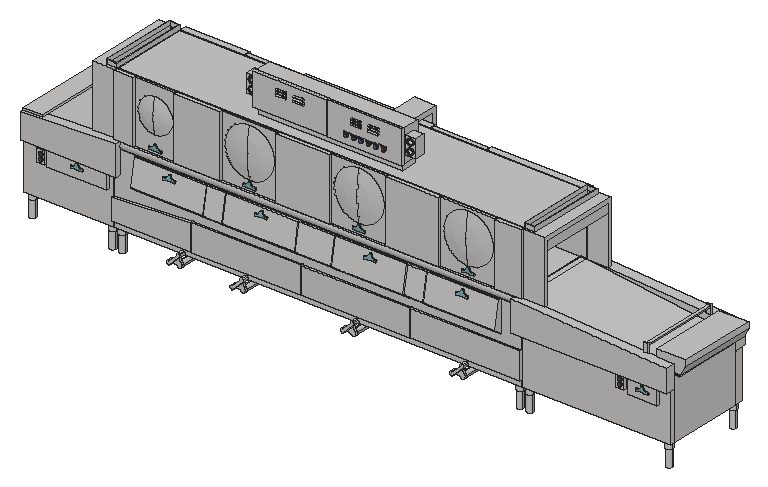
Revit family (continued)
Forms (in)
  Extrusion 121, solid, material "QF_Finishes_Stainless Steel"
    sketch origin (129.56775, -73.14175, 10.44389) x (-1, 0, 0) y (0, -0.5, -0.866025)
      loop
        arc (48.28388, -77.875) -> (48.46693, -78.31694) -> (48.90888, -78.5) r 0.625
        line (48.90888, -78.5) -> (51.65888, -78.5)
        arc (51.65888, -78.5) -> (52.10082, -78.31694) -> (52.28388, -77.875) r 0.625
        line (52.28388, -77.875) -> (48.28388, -77.875)
    from 0 to 0.125
  Extrusion 122, solid, material "QF_Finishes_Stainless Steel"
    sketch origin (129.56775, -73.14175, 9.44389) x (-1, 0, 0) y (0, -0.5, -0.866025)
      loop
        arc (48.28388, -77.875) -> (48.46693, -78.31694) -> (48.90888, -78.5) r 0.625
        line (48.90888, -78.5) -> (51.65888, -78.5)
        arc (51.65888, -78.5) -> (52.10082, -78.31694) -> (52.28388, -77.875) r 0.625
        line (52.28388, -77.875) -> (48.28388, -77.875)
    from 0 to 0.125
  Extrusion 123, solid, material "QF_Finishes_Stainless Steel"
    sketch origin (129.56775, -73.14175, 8.44389) x (-1, 0, 0) y (0, -0.5, -0.866025)
      loop
        arc (48.28388, -77.875) -> (48.46693, -78.31694) -> (48.90888, -78.5) r 0.625
        line (48.90888, -78.5) -> (51.65888, -78.5)
        arc (51.65888, -78.5) -> (52.10082, -78.31694) -> (52.28388, -77.875) r 0.625
        line (52.28388, -77.875) -> (48.28388, -77.875)
    from 0 to 0.125
  Extrusion 124, solid, material "QF_Finishes_Stainless Steel"
    sketch origin (-8.125, -73.14175, 10.44389) x (1, 0, 0) y (0, 0.5, 0.866025)
      loop
        line (48.28388, 77.875) -> (52.28388, 77.875)
        arc (52.28388, 77.875) -> (52.10082, 78.31694) -> (51.65888, 78.5) r 0.625
        line (51.65888, 78.5) -> (48.90888, 78.5)
        arc (48.90888, 78.5) -> (48.46693, 78.31694) -> (48.28388, 77.875) r 0.625
    from 0 to 0.125
  Extrusion 125, solid, material "QF_Finishes_Stainless Steel"
    sketch origin (-8.125, -73.14175, 9.44389) x (1, 0, 0) y (0, 0.5, 0.866025)
      loop
        line (48.28388, 77.875) -> (52.28388, 77.875)
        arc (52.28388, 77.875) -> (52.10082, 78.31694) -> (51.65888, 78.5) r 0.625
        line (51.65888, 78.5) -> (48.90888, 78.5)
        arc (48.90888, 78.5) -> (48.46693, 78.31694) -> (48.28388, 77.875) r 0.625
    from 0 to 0.125
  Extrusion 126, solid, material "QF_Finishes_Stainless Steel"
    sketch origin (-8.125, -73.14175, 8.44389) x (1, 0, 0) y (0, 0.5, 0.866025)
      loop
        line (48.28388, 77.875) -> (52.28388, 77.875)
        arc (52.28388, 77.875) -> (52.10082, 78.31694) -> (51.65888, 78.5) r 0.625
        line (51.65888, 78.5) -> (48.90888, 78.5)
        arc (48.90888, 78.5) -> (48.46693, 78.31694) -> (48.28388, 77.875) r 0.625
    from 0 to 0.125
  Extrusion 127, solid, material "QF_Finishes_Stainless Steel"
    sketch origin (99.44275, -73.14175, 10.44389) x (-1, 0, 0) y (0, -0.5, -0.866025)
      loop
        arc (48.28388, -77.875) -> (48.46693, -78.31694) -> (48.90888, -78.5) r 0.625
        line (48.90888, -78.5) -> (51.65888, -78.5)
        arc (51.65888, -78.5) -> (52.10082, -78.31694) -> (52.28388, -77.875) r 0.625
        line (52.28388, -77.875) -> (48.28388, -77.875)
    from 0 to 0.125
  Extrusion 128, solid, material "QF_Finishes_Stainless Steel"
    sketch origin (99.44275, -73.14175, 9.44389) x (-1, 0, 0) y (0, -0.5, -0.866025)
      loop
        arc (48.28388, -77.875) -> (48.46693, -78.31694) -> (48.90888, -78.5) r 0.625
        line (48.90888, -78.5) -> (51.65888, -78.5)
        arc (51.65888, -78.5) -> (52.10082, -78.31694) -> (52.28388, -77.875) r 0.625
        line (52.28388, -77.875) -> (48.28388, -77.875)
    from 0 to 0.125
  Extrusion 129, solid, material "QF_Finishes_Stainless Steel"
    sketch origin (99.44275, -73.14175, 8.44389) x (-1, 0, 0) y (0, -0.5, -0.866025)
      loop
        arc (48.28388, -77.875) -> (48.46693, -78.31694) -> (48.90888, -78.5) r 0.625
        line (48.90888, -78.5) -> (51.65888, -78.5)
        arc (51.65888, -78.5) -> (52.10082, -78.31694) -> (52.28388, -77.875) r 0.625
        line (52.28388, -77.875) -> (48.28388, -77.875)
    from 0 to 0.125
  Extrusion 130, solid, material "QF_Finishes_Stainless Steel"
    sketch origin (-39.90362, 0, 0) x (0, 1, 0) y (0, 0, 1)
      loop
        circle (-20.25, 7) r 1
      loop
        circle (-20.25, 7) r 1.125
    from 0 to 235.625
  Extrusion 131, solid, material "QF_Finishes_Stainless Steel", visible <- "Unload End Drain"
    sketch origin (-39.90362, 0, 0) x (0, 1, 0) y (0, 0, 1)
      loop
        circle (-20.25, 7) r 1
    from 0 to 0.125
  Extrusion 132, solid, material "QF_Finishes_Stainless Steel", visible <- "Load End Drain"
    sketch origin (195.72138, 0, 0) x (0, 1, 0) y (0, 0, 1)
      loop
        circle (-20.25, 7) r 1
    from 0 to -0.125
  Sweep 133, solid, material "QF_Finishes_Stainless Steel", visible <- "Cold Water Aqua Stat"
    path origin (-31.27862, 0, 0) x (0, 1, 0) y (0, 0, 1)
      loop
        line (-16.75, 9) -> (-16.75, 7.5)
        arc (-16.75, 7.5) -> (-16.31066, 6.43934) -> (-15.25, 6) r 1.5
        line (-15.25, 6) -> (-8.5, 6)
    profile origin (-31.27862, -16.75, 8.25) x (1, 0, 0) y (0, 1, 0)
      loop
        circle (0, 0) r 0.375
      loop
        circle (0, 0) r 0.5
  Sweep 134, solid, material "QF_Finishes_Stainless Steel", visible <- "Cold Water Aqua Stat"
    path origin (178.72138, 0, 0) x (0, 1, 0) y (0, 0, 1)
      loop
        line (-16.75, 9) -> (-16.75, 7.5)
        arc (-16.75, 7.5) -> (-16.31066, 6.43934) -> (-15.25, 6) r 1.5
        line (-15.25, 6) -> (-8.5, 6)
    profile origin (178.72138, -16.75, 8.25) x (1, 0, 0) y (0, 1, 0)
      loop
        circle (0, 0) r 0.5
      loop
        circle (0, 0) r 0.625
  Extrusion 135, void
    sketch origin (22, -26, 0) x (1, 0, 0) y (0, 0, 1)
      loop
        circle (10.72138, 78.5) r 0.5
    from 0 to 0.25
  Extrusion 136, solid, material "QF_Finishes_Stainless Steel"
    sketch origin (0, -20.25, 0) x (1, 0, 0) y (0, 0, 1)
      loop
        circle (7.73519, 7) r 1
      loop
        circle (7.73519, 7) r 1.125
    from 0 to 21.5
  Extrusion 137, solid, material "QF_Finishes_Stainless Steel"
    sketch origin (12, -20.25, 0) x (1, 0, 0) y (0, 0, 1)
      loop
        circle (21.23519, 7) r 1
      loop
        circle (21.23519, 7) r 1.125
    from 0 to 21.5
  Extrusion 138, solid, material "QF_Finishes_Stainless Steel"
    sketch origin (7.21533, -42, -3.41935) x (0.707107, 0, 0.707107) y (-0.707107, 0, 0.707107)
      loop
        arc (6.61019, 7) -> (7.73519, 5.875) -> (8.86019, 7) r 1.125
        arc (8.86019, 7) -> (9.29112, 8.22931) -> (10.48519, 8.75) r 1.62946
        line (10.48519, 8.75) -> (4.98519, 8.75)
        arc (4.98519, 8.75) -> (6.17925, 8.22931) -> (6.61019, 7) r 1.62946
    from -0.25 to 0.25
  Extrusion 139, solid, material "QF_Finishes_Stainless Steel"
    sketch origin (32.71533, -42, -3.41935) x (0.707107, 0, 0.707107) y (-0.707107, 0, 0.707107)
      loop
        line (4.73519, 8.75) -> (10.73519, 8.75)
        arc (10.73519, 8.75) -> (11.08874, 8.89645) -> (11.23519, 9.25) r 0.5
        line (11.23519, 9.25) -> (11.23519, 9.75)
        arc (11.23519, 9.75) -> (11.08874, 10.10355) -> (10.73519, 10.25) r 0.5
        line (10.73519, 10.25) -> (10.23519, 10.25)
        arc (10.23519, 10.25) -> (10.05841, 10.17678) -> (9.98519, 10) r 0.25
        line (9.98519, 10) -> (9.98519, 9.75) -> (5.48519, 9.75) -> (5.48519, 10)
        arc (5.48519, 10) -> (5.41196, 10.17678) -> (5.23519, 10.25) r 0.25
        line (5.23519, 10.25) -> (4.73519, 10.25)
        arc (4.73519, 10.25) -> (4.38163, 10.10355) -> (4.23519, 9.75) r 0.5
        line (4.23519, 9.75) -> (4.23519, 9.25)
        arc (4.23519, 9.25) -> (4.38163, 8.89645) -> (4.73519, 8.75) r 0.5
    from -1 to 1
  Extrusion 140, solid, material "QF_Finishes_Stainless Steel"
    sketch origin (32.71533, -42, -3.41935) x (0.707107, 0, 0.707107) y (-0.707107, 0, 0.707107)
      loop
        arc (6.61019, 7) -> (7.73519, 5.875) -> (8.86019, 7) r 1.125
        arc (8.86019, 7) -> (9.29112, 8.22931) -> (10.48519, 8.75) r 1.62946
        line (10.48519, 8.75) -> (4.98519, 8.75)
        arc (4.98519, 8.75) -> (6.17925, 8.22931) -> (6.61019, 7) r 1.62946
    from -0.25 to 0.25
  Extrusion 141, solid, material "QF_Finishes_Stainless Steel"
    sketch origin (63, -20.25, 0) x (1, 0, 0) y (0, 0, 1)
      loop
        circle (14.73519, 7) r 1
      loop
        circle (14.73519, 7) r 1.125
    from 0 to 21.5
  Extrusion 142, solid, material "QF_Finishes_Stainless Steel"
    sketch origin (77.21533, -42, -3.41935) x (0.707107, 0, 0.707107) y (-0.707107, 0, 0.707107)
      loop
        line (4.73519, 8.75) -> (10.73519, 8.75)
        arc (10.73519, 8.75) -> (11.08874, 8.89645) -> (11.23519, 9.25) r 0.5
        line (11.23519, 9.25) -> (11.23519, 9.75)
        arc (11.23519, 9.75) -> (11.08874, 10.10355) -> (10.73519, 10.25) r 0.5
        line (10.73519, 10.25) -> (10.23519, 10.25)
        arc (10.23519, 10.25) -> (10.05841, 10.17678) -> (9.98519, 10) r 0.25
        line (9.98519, 10) -> (9.98519, 9.75) -> (5.48519, 9.75) -> (5.48519, 10)
        arc (5.48519, 10) -> (5.41196, 10.17678) -> (5.23519, 10.25) r 0.25
        line (5.23519, 10.25) -> (4.73519, 10.25)
        arc (4.73519, 10.25) -> (4.38163, 10.10355) -> (4.23519, 9.75) r 0.5
        line (4.23519, 9.75) -> (4.23519, 9.25)
        arc (4.23519, 9.25) -> (4.38163, 8.89645) -> (4.73519, 8.75) r 0.5
    from -1 to 1
  Extrusion 143, solid, material "QF_Finishes_Stainless Steel"
    sketch origin (77.21533, -42, -3.41935) x (0.707107, 0, 0.707107) y (-0.707107, 0, 0.707107)
      loop
        arc (6.61019, 7) -> (7.73519, 5.875) -> (8.86019, 7) r 1.125
        arc (8.86019, 7) -> (9.29112, 8.22931) -> (10.48519, 8.75) r 1.62946
        line (10.48519, 8.75) -> (4.98519, 8.75)
        arc (4.98519, 8.75) -> (6.17925, 8.22931) -> (6.61019, 7) r 1.62946
    from -0.25 to 0.25
  Extrusion 144, solid, material "QF_Finishes_Stainless Steel"
    sketch origin (7.21533, -42, -3.41935) x (0.707107, 0, 0.707107) y (-0.707107, 0, 0.707107)
      loop
        line (4.73519, 8.75) -> (10.73519, 8.75)
        arc (10.73519, 8.75) -> (11.08874, 8.89645) -> (11.23519, 9.25) r 0.5
        line (11.23519, 9.25) -> (11.23519, 9.75)
        arc (11.23519, 9.75) -> (11.08874, 10.10355) -> (10.73519, 10.25) r 0.5
        line (10.73519, 10.25) -> (10.23519, 10.25)
        arc (10.23519, 10.25) -> (10.05841, 10.17678) -> (9.98519, 10) r 0.25
        line (9.98519, 10) -> (9.98519, 9.75) -> (5.48519, 9.75) -> (5.48519, 10)
        arc (5.48519, 10) -> (5.41196, 10.17678) -> (5.23519, 10.25) r 0.25
        line (5.23519, 10.25) -> (4.73519, 10.25)
        arc (4.73519, 10.25) -> (4.38163, 10.10355) -> (4.23519, 9.75) r 0.5
        line (4.23519, 9.75) -> (4.23519, 9.25)
        arc (4.23519, 9.25) -> (4.38163, 8.89645) -> (4.73519, 8.75) r 0.5
    from -1 to 1
  Extrusion 145, solid, material "QF_Finishes_Stainless Steel", visible <- "Feeder Line 2"
    sketch origin (22, -26, 0) x (1, 0, 0) y (0, 0, 1)
      loop
        circle (11.97138, 78.5) r 0.25
    from 0 to -0.0625
  Extrusion 146, solid, material "QF_Finishes_Stainless Steel", visible <- "Feeder Line 3"
    sketch origin (22.75, -26, 0) x (1, 0, 0) y (0, 0, 1)
      loop
        circle (11.97138, 78.5) r 0.25
    from 0 to -0.0625
  Extrusion 147, solid, material "QF_Finishes_Black", not visible
    sketch origin (0, -32.25, 0) x (1, 0, 0) y (0, 0, 1)
      loop
        circle (6.84638, 76.75) r 1.25
      loop
        circle (6.84638, 76.75) r 1
    from 0 to 0.25
  Extrusion 148, solid, material "QF_Finishes_White", not visible
    sketch origin (0, -32.25, 0) x (1, 0, 0) y (0, 0, 1)
      loop
        circle (6.84638, 76.75) r 1
    from 0 to 0.0625
  Extrusion 149, solid, material "QF_Finishes_Black", not visible
    sketch origin (33.66291, -34, -18.39967) x (1, 0, 0) y (0, 0, 1)
      loop
        line (19.62096, 91.02467) -> (17.62096, 91.02467) -> (17.62096, 90.77467) -> (19.62096, 90.77467) -> (19.62096, 91.02467)
      loop
        line (16.62096, 91.02467) -> (14.62096, 91.02467) -> (14.62096, 90.77467) -> (16.62096, 90.77467) -> (16.62096, 91.02467)
      loop
        line (20.62096, 91.02467) -> (20.62096, 90.77467) -> (22.62096, 90.77467) -> (22.62096, 91.02467) -> (20.62096, 91.02467)
      loop
        line (23.62096, 91.02467) -> (23.62096, 90.77467) -> (25.62096, 90.77467) -> (25.62096, 91.02467) -> (23.62096, 91.02467)
      loop
        line (13.62096, 91.02467) -> (11.62096, 91.02467) -> (11.62096, 90.77467) -> (13.62096, 90.77467) -> (13.62096, 91.02467)
      loop
        line (26.62096, 91.02467) -> (26.62096, 90.77467) -> (28.62096, 90.77467) -> (28.62096, 91.02467) -> (26.62096, 91.02467)
    from 0 to 0.25
  Extrusion 150, solid, material "QF_Finishes_Navy Blue", not visible
    sketch origin (34.03783, -34, -18.39967) x (1, 0, 0) y (0, 0, 1)
      loop
        circle (15.24605, 89.89967) r 0.625
    from 0.125 to 0.375
  Extrusion 151, solid, material "QF_Finishes_Navy Blue", not visible
    sketch origin (34.03783, -34, -18.39967) x (1, 0, 0) y (0, 0, 1)
      loop
        circle (18.24605, 89.89967) r 0.625
    from 0.125 to 0.375
  Extrusion 152, solid, material "QF_Finishes_LED Green", not visible
    sketch origin (34.03783, -34, -18.39967) x (1, 0, 0) y (0, 0, 1)
      loop
        circle (21.24605, 89.89967) r 0.625
    from 0.125 to 0.375
  Extrusion 153, solid, material "QF_Finishes_Navy Blue", not visible
    sketch origin (34.03783, -34, -18.39967) x (1, 0, 0) y (0, 0, 1)
      loop
        circle (24.24605, 89.89967) r 0.625
    from 0.125 to 0.375
  Extrusion 154, solid, material "QF_Finishes_Black", not visible
    sketch origin (34.03783, -34, -18.39967) x (1, 0, 0) y (0, 0, 1)
      loop
        line (15.99605, 89.89967) -> (15.99605, 90.77467) -> (14.49605, 90.77467) -> (14.49605, 89.89967)
        arc (14.49605, 89.89967) -> (15.24605, 89.14967) -> (15.99605, 89.89967) r 0.75
      loop
        line (18.99605, 89.89967) -> (18.99605, 90.77467) -> (17.49605, 90.77467) -> (17.49605, 89.89967)
        arc (17.49605, 89.89967) -> (18.24605, 89.14967) -> (18.99605, 89.89967) r 0.75
      loop
        line (21.99605, 89.89967) -> (21.99605, 90.77467) -> (20.49605, 90.77467) -> (20.49605, 89.89967)
        arc (20.49605, 89.89967) -> (21.24605, 89.14967) -> (21.99605, 89.89967) r 0.75
      loop
        line (24.99605, 89.89967) -> (24.99605, 90.77467) -> (23.49605, 90.77467) -> (23.49605, 89.89967)
        arc (23.49605, 89.89967) -> (24.24605, 89.14967) -> (24.99605, 89.89967) r 0.75
      loop
        line (12.99605, 89.89967) -> (12.99605, 90.77467) -> (11.49605, 90.77467) -> (11.49605, 89.89967)
        arc (11.49605, 89.89967) -> (12.24605, 89.14967) -> (12.99605, 89.89967) r 0.75
      loop
        line (27.99605, 89.89967) -> (27.99605, 90.77467) -> (26.49605, 90.77467) -> (26.49605, 89.89967)
        arc (26.49605, 89.89967) -> (27.24605, 89.14967) -> (27.99605, 89.89967) r 0.75
    from 0 to 0.125
  Extrusion 155, solid, material "QF_Finishes_Black", not visible
    sketch origin (0, -32.25, -3.5) x (1, 0, 0) y (0, 0, 1)
      loop
        circle (6.84638, 76.75) r 1.25
      loop
        circle (6.84638, 76.75) r 1
    from 0 to 0.25
  Extrusion 156, solid, material "QF_Finishes_White", not visible
    sketch origin (0, -32.25, -3.5) x (1, 0, 0) y (0, 0, 1)
      loop
        circle (6.84638, 76.75) r 1
    from 0 to 0.0625
  Extrusion 157, solid, material "QF_Finishes_Black", not visible
    sketch origin (63.875, -32.25, 0) x (1, 0, 0) y (0, 0, 1)
      loop
        circle (6.84638, 76.75) r 1.25
      loop
        circle (6.84638, 76.75) r 1
    from 0 to 0.25
  Extrusion 158, solid, material "QF_Finishes_White", not visible
    sketch origin (63.875, -32.25, 0) x (1, 0, 0) y (0, 0, 1)
      loop
        circle (6.84638, 76.75) r 1
    from 0 to 0.0625
  Extrusion 159, solid, material "QF_Finishes_Black", not visible
    sketch origin (63.875, -32.25, -3.5) x (1, 0, 0) y (0, 0, 1)
      loop
        circle (6.84638, 76.75) r 1.25
      loop
        circle (6.84638, 76.75) r 1
    from 0 to 0.25
  Extrusion 160, solid, material "QF_Finishes_White", not visible
    sketch origin (63.875, -32.25, -3.5) x (1, 0, 0) y (0, 0, 1)
      loop
        circle (6.84638, 76.75) r 1
    from 0 to 0.0625
  Extrusion 161, solid, material "QF_Finishes_Navy Blue", not visible
    sketch origin (31.03783, -34, -18.39967) x (1, 0, 0) y (0, 0, 1)
      loop
        circle (15.24605, 89.89967) r 0.625
    from 0.125 to 0.375
  Extrusion 162, solid, material "QF_Finishes_LED Red", not visible
    sketch origin (46.03783, -34, -18.39967) x (1, 0, 0) y (0, 0, 1)
      loop
        circle (15.24605, 89.89967) r 0.625
    from 0.125 to 0.375
  Extrusion 163, solid, material "QF_Finishes_Stainless Steel", not visible
    sketch origin (0, -73.14175, 10.44389) x (1, 0, 0) y (0, 0.5, 0.866025)
      loop
        line (48.28388, 77.875) -> (52.28388, 77.875)
        arc (52.28388, 77.875) -> (52.10082, 78.31694) -> (51.65888, 78.5) r 0.625
        line (51.65888, 78.5) -> (48.90888, 78.5)
        arc (48.90888, 78.5) -> (48.46693, 78.31694) -> (48.28388, 77.875) r 0.625
    from 0 to 0.125
  Extrusion 164, solid, material "QF_Finishes_Stainless Steel", not visible
    sketch origin (0, -73.14175, 9.44389) x (1, 0, 0) y (0, 0.5, 0.866025)
      loop
        line (48.28388, 77.875) -> (52.28388, 77.875)
        arc (52.28388, 77.875) -> (52.10082, 78.31694) -> (51.65888, 78.5) r 0.625
        line (51.65888, 78.5) -> (48.90888, 78.5)
        arc (48.90888, 78.5) -> (48.46693, 78.31694) -> (48.28388, 77.875) r 0.625
    from 0 to 0.125
  Extrusion 165, solid, material "QF_Finishes_Stainless Steel", not visible
    sketch origin (0, -73.14175, 8.44389) x (1, 0, 0) y (0, 0.5, 0.866025)
      loop
        line (48.28388, 77.875) -> (52.28388, 77.875)
        arc (52.28388, 77.875) -> (52.10082, 78.31694) -> (51.65888, 78.5) r 0.625
        line (51.65888, 78.5) -> (48.90888, 78.5)
        arc (48.90888, 78.5) -> (48.46693, 78.31694) -> (48.28388, 77.875) r 0.625
    from 0 to 0.125
  Extrusion 166, solid, material "QF_Finishes_Stainless Steel", not visible
    sketch origin (107.56775, -73.14175, 10.44389) x (-1, 0, 0) y (0, -0.5, -0.866025)
      loop
        arc (48.28388, -77.875) -> (48.46693, -78.31694) -> (48.90888, -78.5) r 0.625
        line (48.90888, -78.5) -> (51.65888, -78.5)
        arc (51.65888, -78.5) -> (52.10082, -78.31694) -> (52.28388, -77.875) r 0.625
        line (52.28388, -77.875) -> (48.28388, -77.875)
    from 0 to 0.125
  Extrusion 167, solid, material "QF_Finishes_Stainless Steel", not visible
    sketch origin (107.56775, -73.14175, 9.44389) x (-1, 0, 0) y (0, -0.5, -0.866025)
      loop
        arc (48.28388, -77.875) -> (48.46693, -78.31694) -> (48.90888, -78.5) r 0.625
        line (48.90888, -78.5) -> (51.65888, -78.5)
        arc (51.65888, -78.5) -> (52.10082, -78.31694) -> (52.28388, -77.875) r 0.625
        line (52.28388, -77.875) -> (48.28388, -77.875)
    from 0 to 0.125
  Extrusion 168, solid, material "QF_Finishes_Stainless Steel", not visible
    sketch origin (107.56775, -73.14175, 8.44389) x (-1, 0, 0) y (0, -0.5, -0.866025)
      loop
        arc (48.28388, -77.875) -> (48.46693, -78.31694) -> (48.90888, -78.5) r 0.625
        line (48.90888, -78.5) -> (51.65888, -78.5)
        arc (51.65888, -78.5) -> (52.10082, -78.31694) -> (52.28388, -77.875) r 0.625
        line (52.28388, -77.875) -> (48.28388, -77.875)
    from 0 to 0.125
  Extrusion 169, solid, material "QF_Finishes_Stainless Steel", not visible
    sketch origin (-30.125, -73.14175, 10.44389) x (1, 0, 0) y (0, 0.5, 0.866025)
      loop
        line (48.28388, 77.875) -> (52.28388, 77.875)
        arc (52.28388, 77.875) -> (52.10082, 78.31694) -> (51.65888, 78.5) r 0.625
        line (51.65888, 78.5) -> (48.90888, 78.5)
        arc (48.90888, 78.5) -> (48.46693, 78.31694) -> (48.28388, 77.875) r 0.625
    from 0 to 0.125
  Extrusion 170, solid, material "QF_Finishes_Stainless Steel", not visible
    sketch origin (-30.125, -73.14175, 9.44389) x (1, 0, 0) y (0, 0.5, 0.866025)
      loop
        line (48.28388, 77.875) -> (52.28388, 77.875)
        arc (52.28388, 77.875) -> (52.10082, 78.31694) -> (51.65888, 78.5) r 0.625
        line (51.65888, 78.5) -> (48.90888, 78.5)
        arc (48.90888, 78.5) -> (48.46693, 78.31694) -> (48.28388, 77.875) r 0.625
    from 0 to 0.125
  Extrusion 171, solid, material "QF_Finishes_Stainless Steel", not visible
    sketch origin (-30.125, -73.14175, 8.44389) x (1, 0, 0) y (0, 0.5, 0.866025)
      loop
        line (48.28388, 77.875) -> (52.28388, 77.875)
        arc (52.28388, 77.875) -> (52.10082, 78.31694) -> (51.65888, 78.5) r 0.625
        line (51.65888, 78.5) -> (48.90888, 78.5)
        arc (48.90888, 78.5) -> (48.46693, 78.31694) -> (48.28388, 77.875) r 0.625
    from 0 to 0.125
  Extrusion 172, solid, material "QF_Finishes_Stainless Steel", not visible
    sketch origin (77.44275, -73.14175, 10.44389) x (-1, 0, 0) y (0, -0.5, -0.866025)
      loop
        arc (48.28388, -77.875) -> (48.46693, -78.31694) -> (48.90888, -78.5) r 0.625
        line (48.90888, -78.5) -> (51.65888, -78.5)
        arc (51.65888, -78.5) -> (52.10082, -78.31694) -> (52.28388, -77.875) r 0.625
        line (52.28388, -77.875) -> (48.28388, -77.875)
    from 0 to 0.125
  Extrusion 173, solid, material "QF_Finishes_Stainless Steel", not visible
    sketch origin (77.44275, -73.14175, 9.44389) x (-1, 0, 0) y (0, -0.5, -0.866025)
      loop
        arc (48.28388, -77.875) -> (48.46693, -78.31694) -> (48.90888, -78.5) r 0.625
        line (48.90888, -78.5) -> (51.65888, -78.5)
        arc (51.65888, -78.5) -> (52.10082, -78.31694) -> (52.28388, -77.875) r 0.625
        line (52.28388, -77.875) -> (48.28388, -77.875)
    from 0 to 0.125
  Extrusion 174, solid, material "QF_Finishes_Stainless Steel", not visible
    sketch origin (77.44275, -73.14175, 8.44389) x (-1, 0, 0) y (0, -0.5, -0.866025)
      loop
        arc (48.28388, -77.875) -> (48.46693, -78.31694) -> (48.90888, -78.5) r 0.625
        line (48.90888, -78.5) -> (51.65888, -78.5)
        arc (51.65888, -78.5) -> (52.10082, -78.31694) -> (52.28388, -77.875) r 0.625
        line (52.28388, -77.875) -> (48.28388, -77.875)
    from 0 to 0.125
  Extrusion 175, solid, material "QF_Finishes_Stainless Steel", not visible
    sketch origin (0, -20.25, 0) x (1, 0, 0) y (0, 0, 1)
      loop
        circle (7.73519, 7) r 1
      loop
        circle (7.73519, 7) r 1.125
    from 0 to 21.5
  Extrusion 176, solid, material "QF_Finishes_Stainless Steel", not visible
    sketch origin (12, -20.25, 0) x (1, 0, 0) y (0, 0, 1)
      loop
        circle (21.23519, 7) r 1
      loop
        circle (21.23519, 7) r 1.125
    from 0 to 21.5
  Extrusion 177, solid, material "QF_Finishes_Stainless Steel", not visible
    sketch origin (7.21533, -42, -3.41935) x (0.707107, 0, 0.707107) y (-0.707107, 0, 0.707107)
      loop
        arc (6.61019, 7) -> (7.73519, 5.875) -> (8.86019, 7) r 1.125
        arc (8.86019, 7) -> (9.29112, 8.22931) -> (10.48519, 8.75) r 1.62946
        line (10.48519, 8.75) -> (4.98519, 8.75)
        arc (4.98519, 8.75) -> (6.17925, 8.22931) -> (6.61019, 7) r 1.62946
    from -0.25 to 0.25
  Extrusion 178, solid, material "QF_Finishes_Stainless Steel", not visible
    sketch origin (32.71533, -42, -3.41935) x (0.707107, 0, 0.707107) y (-0.707107, 0, 0.707107)
      loop
        line (4.73519, 8.75) -> (10.73519, 8.75)
        arc (10.73519, 8.75) -> (11.08874, 8.89645) -> (11.23519, 9.25) r 0.5
        line (11.23519, 9.25) -> (11.23519, 9.75)
        arc (11.23519, 9.75) -> (11.08874, 10.10355) -> (10.73519, 10.25) r 0.5
        line (10.73519, 10.25) -> (10.23519, 10.25)
        arc (10.23519, 10.25) -> (10.05841, 10.17678) -> (9.98519, 10) r 0.25
        line (9.98519, 10) -> (9.98519, 9.75) -> (5.48519, 9.75) -> (5.48519, 10)
        arc (5.48519, 10) -> (5.41196, 10.17678) -> (5.23519, 10.25) r 0.25
        line (5.23519, 10.25) -> (4.73519, 10.25)
        arc (4.73519, 10.25) -> (4.38163, 10.10355) -> (4.23519, 9.75) r 0.5
        line (4.23519, 9.75) -> (4.23519, 9.25)
        arc (4.23519, 9.25) -> (4.38163, 8.89645) -> (4.73519, 8.75) r 0.5
    from -1 to 1
  Extrusion 179, solid, material "QF_Finishes_Stainless Steel", not visible
    sketch origin (32.71533, -42, -3.41935) x (0.707107, 0, 0.707107) y (-0.707107, 0, 0.707107)
      loop
        arc (6.61019, 7) -> (7.73519, 5.875) -> (8.86019, 7) r 1.125
        arc (8.86019, 7) -> (9.29112, 8.22931) -> (10.48519, 8.75) r 1.62946
        line (10.48519, 8.75) -> (4.98519, 8.75)
        arc (4.98519, 8.75) -> (6.17925, 8.22931) -> (6.61019, 7) r 1.62946
    from -0.25 to 0.25
  Extrusion 180, solid, material "QF_Finishes_Stainless Steel", not visible
    sketch origin (63, -20.25, 0) x (1, 0, 0) y (0, 0, 1)
      loop
        circle (14.73519, 7) r 1
      loop
        circle (14.73519, 7) r 1.125
    from 0 to 21.5
  Extrusion 181, solid, material "QF_Finishes_Stainless Steel", not visible
    sketch origin (77.21533, -42, -3.41935) x (0.707107, 0, 0.707107) y (-0.707107, 0, 0.707107)
      loop
        line (4.73519, 8.75) -> (10.73519, 8.75)
        arc (10.73519, 8.75) -> (11.08874, 8.89645) -> (11.23519, 9.25) r 0.5
        line (11.23519, 9.25) -> (11.23519, 9.75)
        arc (11.23519, 9.75) -> (11.08874, 10.10355) -> (10.73519, 10.25) r 0.5
        line (10.73519, 10.25) -> (10.23519, 10.25)
        arc (10.23519, 10.25) -> (10.05841, 10.17678) -> (9.98519, 10) r 0.25
        line (9.98519, 10) -> (9.98519, 9.75) -> (5.48519, 9.75) -> (5.48519, 10)
        arc (5.48519, 10) -> (5.41196, 10.17678) -> (5.23519, 10.25) r 0.25
        line (5.23519, 10.25) -> (4.73519, 10.25)
        arc (4.73519, 10.25) -> (4.38163, 10.10355) -> (4.23519, 9.75) r 0.5
        line (4.23519, 9.75) -> (4.23519, 9.25)
        arc (4.23519, 9.25) -> (4.38163, 8.89645) -> (4.73519, 8.75) r 0.5
    from -1 to 1
  Extrusion 182, solid, material "QF_Finishes_Stainless Steel", not visible
    sketch origin (77.21533, -42, -3.41935) x (0.707107, 0, 0.707107) y (-0.707107, 0, 0.707107)
      loop
        arc (6.61019, 7) -> (7.73519, 5.875) -> (8.86019, 7) r 1.125
        arc (8.86019, 7) -> (9.29112, 8.22931) -> (10.48519, 8.75) r 1.62946
        line (10.48519, 8.75) -> (4.98519, 8.75)
        arc (4.98519, 8.75) -> (6.17925, 8.22931) -> (6.61019, 7) r 1.62946
    from -0.25 to 0.25
  Extrusion 183, solid, material "QF_Finishes_Stainless Steel", not visible
    sketch origin (7.21533, -42, -3.41935) x (0.707107, 0, 0.707107) y (-0.707107, 0, 0.707107)
      loop
        line (4.73519, 8.75) -> (10.73519, 8.75)
        arc (10.73519, 8.75) -> (11.08874, 8.89645) -> (11.23519, 9.25) r 0.5
        line (11.23519, 9.25) -> (11.23519, 9.75)
        arc (11.23519, 9.75) -> (11.08874, 10.10355) -> (10.73519, 10.25) r 0.5
        line (10.73519, 10.25) -> (10.23519, 10.25)
        arc (10.23519, 10.25) -> (10.05841, 10.17678) -> (9.98519, 10) r 0.25
        line (9.98519, 10) -> (9.98519, 9.75) -> (5.48519, 9.75) -> (5.48519, 10)
        arc (5.48519, 10) -> (5.41196, 10.17678) -> (5.23519, 10.25) r 0.25
        line (5.23519, 10.25) -> (4.73519, 10.25)
        arc (4.73519, 10.25) -> (4.38163, 10.10355) -> (4.23519, 9.75) r 0.5
        line (4.23519, 9.75) -> (4.23519, 9.25)
        arc (4.23519, 9.25) -> (4.38163, 8.89645) -> (4.73519, 8.75) r 0.5
    from -1 to 1
  Extrusion 184, solid, material "QF_Finishes_Stainless Steel", visible <- "Swing Doors"
    sketch origin (0, 0, 65.5) x (0, 1, 0) y (-1, 0, 0)
      loop
        line (-38.25, 13.27862) -> (-39, 13.27862) -> (-39, -2.59638) -> (-38.25, -2.59638) -> (-38.25, 13.27862)
    from 0 to -24.875
  Extrusion 185, solid, material "QF_Finishes_Stainless Steel", visible <- "Swing Doors"
    sketch origin (0, 0, 65.5) x (0, 1, 0) y (-1, 0, 0)
      loop
        line (-38.25, -21.72138) -> (-39, -21.72138) -> (-39, -32.65888) -> (-38.25, -32.65888) -> (-38.25, -21.72138)
    from 0 to -24.875
  Extrusion 186, solid, material "QF_Finishes_Stainless Steel", visible <- "Swing Doors"
    sketch origin (0, 0, 65.5) x (0, 1, 0) y (-1, 0, 0)
      loop
        line (-38.25, -32.78388) -> (-39, -32.78388) -> (-39, -43.72138) -> (-38.25, -43.72138) -> (-38.25, -32.78388)
    from 0 to -24.875
  Extrusion 187, solid, material "QF_Finishes_Stainless Steel", visible <- "Swing Doors"
    sketch origin (1.64366, 34, 62.4375) x (0, 1, 0) y (-1, 0, 0)
      loop
        circle (-73.25, -19.82772) r 0.25
    from 0 to -3
  Extrusion 188, solid, material "QF_Finishes_Stainless Steel", visible <- "Swing Doors"
    sketch origin (1.64366, 34, 45.8125) x (0, 1, 0) y (-1, 0, 0)
      loop
        circle (-73.25, -19.82772) r 0.25
    from 0 to -3
  Sweep 189, solid, material "QF_Finishes_Stainless Steel", visible <- "Swing Doors"
    path origin (31.28388, 53.39484, 58) x (0, 1, 0) y (0, 0, 1)
      loop
        line (-92.39484, -0.9375) -> (-93.01984, -0.9375)
        arc (-93.01984, -0.9375) -> (-93.37339, -1.08395) -> (-93.51984, -1.4375) r 0.5
        line (-93.51984, -1.4375) -> (-93.51984, -9.6875)
        arc (-93.51984, -9.6875) -> (-93.37339, -10.04105) -> (-93.01984, -10.1875) r 0.5
        line (-93.01984, -10.1875) -> (-92.39484, -10.1875)
    profile origin (31.28388, -39.3125, 57.0625) x (0, 0, -1) y (1, 0, 0)
      loop
        circle (0, 0) r 0.375
  Extrusion 190, solid, material "QF_Finishes_Stainless Steel", visible <- "Swing Doors"
    sketch origin (37.64366, 34, 62.4375) x (0, 1, 0) y (-1, 0, 0)
      loop
        circle (-73.25, -6.32772) r 0.25
    from 0 to -3
  Extrusion 191, solid, material "QF_Finishes_Stainless Steel", visible <- "Swing Doors"
    sketch origin (37.64366, 34, 45.8125) x (0, 1, 0) y (-1, 0, 0)
      loop
        circle (-73.25, -6.32772) r 0.25
    from 0 to -3
  Extrusion 192, solid, material "QF_Finishes_Stainless Steel", visible <- "Swing Doors"
    sketch origin (-26.60634, 34, 62.4375) x (0, 1, 0) y (-1, 0, 0)
      loop
        circle (-73.25, -13.07772) r 0.25
    from 0 to -3
  Extrusion 193, solid, material "QF_Finishes_Stainless Steel", visible <- "Swing Doors"
    sketch origin (-26.60634, 34, 45.8125) x (0, 1, 0) y (-1, 0, 0)
      loop
        circle (-73.25, -13.07772) r 0.25
    from 0 to -3
  Sweep 194, solid, material "QF_Finishes_Stainless Steel", visible <- "Swing Doors"
    path origin (1.28388, 45.33582, 48) x (0, 1, 0) y (0, 0, 1)
      loop
        line (-84.33582, 9.0625) -> (-84.96082, 9.0625)
        arc (-84.96082, 9.0625) -> (-85.31438, 8.91605) -> (-85.46082, 8.5625) r 0.5
        line (-85.46082, 8.5625) -> (-85.46082, 0.3125)
        arc (-85.46082, 0.3125) -> (-85.31438, -0.04105) -> (-84.96082, -0.1875) r 0.5
        line (-84.96082, -0.1875) -> (-84.33582, -0.1875)
    profile origin (1.28388, -39.3125, 57.0625) x (0, 0, -1) y (1, 0, 0)
      loop
        circle (0, 0) r 0.375
  Sweep 195, solid, material "QF_Finishes_Stainless Steel", visible <- "Swing Doors"
    path origin (34.15888, 53.39484, 48) x (0, 1, 0) y (0, 0, 1)
      loop
        line (-92.39484, 9.0625) -> (-93.01984, 9.0625)
        arc (-93.01984, 9.0625) -> (-93.37339, 8.91605) -> (-93.51984, 8.5625) r 0.5
        line (-93.51984, 8.5625) -> (-93.51984, 0.3125)
        arc (-93.51984, 0.3125) -> (-93.37339, -0.04105) -> (-93.01984, -0.1875) r 0.5
        line (-93.01984, -0.1875) -> (-92.39484, -0.1875)
    profile origin (34.15888, -39.3125, 57.0625) x (0, 0, -1) y (1, 0, 0)
      loop
        circle (0, 0) r 0.375
  Extrusion 196, solid, material "QF_Finishes_Clearances", visible <- "Standard Doors", detail levels coarse
    sketch origin (0, 0, 65.5) x (0, 1, 0) y (-1, 0, 0)
      loop
        line (-38.25, 13.52862) -> (-39, 13.52862) -> (-39, -2.72138) -> (-38.25, -2.72138) -> (-38.25, 13.52862)
    from 0 to 28
  Extrusion 197, solid, material "QF_Finishes_Clearances", visible <- "Standard Doors", detail levels coarse
    sketch origin (0, 0, 65.5) x (0, 1, 0) y (-1, 0, 0)
      loop
        line (-38.25, -21.47138) -> (-39, -21.47138) -> (-39, -43.97138) -> (-38.25, -43.97138) -> (-38.25, -21.47138)
    from 0 to 28
  Sweep 198, solid, material "QF_Finishes_Stainless Steel", visible <- "Booster Heater"
    path origin (166.72138, 20.50153, 48) x (0, 1, 0) y (0, 0, 1)
      loop
        line (-37.25153, -39) -> (-37.25153, -40.5)
        arc (-37.25153, -40.5) -> (-36.81219, -41.56066) -> (-35.75153, -42) r 1.5
        line (-35.75153, -42) -> (-29.00153, -42)
    profile origin (166.72138, -16.75, 8.25) x (1, 0, 0) y (0, 1, 0)
      loop
        circle (0, 0) r 0.375
      loop
        circle (0, 0) r 0.5
  Extrusion 199, solid, material "QF_Finishes_Stainless Steel", visible <- "Booster Heater"
    sketch origin (92, -3, 0) x (1, 0, 0) y (0, 0, 1)
      loop
        circle (62.72138, 11) r 0.25
    from 0 to -0.0625
  Extrusion 200, solid, material "QF_Finishes_Stainless Steel"
    sketch origin (-22, 0, 65.5) x (0, 1, 0) y (-1, 0, 0)
      loop
        line (-37.25, -87.47138) -> (-38.25, -87.47138) -> (-38.25, -109.97138) -> (-37.25, -109.97138) -> (-37.25, -87.47138)
    from 0 to -24.875
  Revolve 201, solid, material "QF_Finishes_Stainless Steel", visible <- "Standard Doors"
    sketch origin (76.72138, 53.39484, 48) x (0, 1, 0) y (0, 0, 1)
      loop
        line (-91.64484, 6.49826) -> (-91.64484, 16.49826)
        arc (-91.64484, 16.49826) -> (-92.40727, 11.52451) -> (-92.64484, 6.49826) r 48
        line (-92.64484, 6.49826) -> (-91.64484, 6.49826)
      axis (-91.64484, 6.49826) -> (-92.64484, 6.49826)
    angle from 0 to 360
  Extrusion 202, solid, material "QF_Finishes_Light Blue", visible <- "Standard Doors"
    sketch origin (10.39366, -38.75, 10.99826) x (-1, 0, 0) y (0, 0, 1)
      loop
        line (-65.71645, 30.65632) -> (-64.08461, 30.57309)
        arc (-64.08461, 30.57309) -> (-63.90443, 30.64773) -> (-63.82979, 30.82792) r 0.25483
        line (-63.82979, 30.82792) -> (-63.82979, 31.31285)
        arc (-63.82979, 31.31285) -> (-63.90343, 31.49062) -> (-64.08121, 31.56426) r 0.25142
        arc (-64.08121, 31.56426) -> (-65.22593, 31.7803) -> (-65.90311, 32.72819) r 1.56264
        arc (-65.90311, 32.72819) -> (-66.31726, 33.06213) -> (-66.74741, 32.74907) r 0.43733
        arc (-66.74741, 32.74907) -> (-67.42049, 31.78611) -> (-68.57423, 31.56426) r 1.56264
        arc (-68.57423, 31.56426) -> (-68.75201, 31.49062) -> (-68.82565, 31.31285) r 0.25142
        line (-68.82565, 31.31285) -> (-68.82565, 30.82792)
        arc (-68.82565, 30.82792) -> (-68.75101, 30.64773) -> (-68.57082, 30.57309) r 0.25483
        line (-68.57082, 30.57309) -> (-66.93898, 30.65632)
        arc (-66.93898, 30.65632) -> (-66.32772, 30.6719) -> (-65.71645, 30.65632) r 12
    from 0.5 to 0.4375
  Extrusion 203, solid, material "QF_Finishes_Stainless Steel", visible <- "Swing Doors"
    sketch origin (-22, 0, 65.5) x (0, 1, 0) y (-1, 0, 0)
      loop
        line (-38.25, -87.72138) -> (-39, -87.72138) -> (-39, -98.65888) -> (-38.25, -98.65888) -> (-38.25, -87.72138)
    from 0 to -24.875
  Extrusion 204, solid, material "QF_Finishes_Stainless Steel", visible <- "Swing Doors"
    sketch origin (-22, 0, 65.5) x (0, 1, 0) y (-1, 0, 0)
      loop
        line (-38.25, -98.78388) -> (-39, -98.78388) -> (-39, -109.72138) -> (-38.25, -109.72138) -> (-38.25, -98.78388)
    from 0 to -24.875
  Extrusion 205, solid, material "QF_Finishes_Stainless Steel", visible <- "Swing Doors"
    sketch origin (23.64366, 34, 62.4375) x (0, 1, 0) y (-1, 0, 0)
      loop
        circle (-73.25, -41.82772) r 0.25
    from 0 to -3
  Extrusion 206, solid, material "QF_Finishes_Stainless Steel", visible <- "Swing Doors"
    sketch origin (23.64366, 34, 45.8125) x (0, 1, 0) y (-1, 0, 0)
      loop
        circle (-73.25, -41.82772) r 0.25
    from 0 to -3
  Extrusion 207, solid, material "QF_Finishes_Stainless Steel", visible <- "Swing Doors"
    sketch origin (59.64366, 34, 62.4375) x (0, 1, 0) y (-1, 0, 0)
      loop
        circle (-73.25, -28.32772) r 0.25
    from 0 to -3
  Extrusion 208, solid, material "QF_Finishes_Stainless Steel", visible <- "Swing Doors"
    sketch origin (59.64366, 34, 45.8125) x (0, 1, 0) y (-1, 0, 0)
      loop
        circle (-73.25, -28.32772) r 0.25
    from 0 to -3
  Sweep 209, solid, material "QF_Finishes_Stainless Steel", visible <- "Swing Doors"
    path origin (75.28388, 53.39484, 48) x (0, 1, 0) y (0, 0, 1)
      loop
        line (-92.39484, 9.0625) -> (-93.01984, 9.0625)
        arc (-93.01984, 9.0625) -> (-93.37339, 8.91605) -> (-93.51984, 8.5625) r 0.5
        line (-93.51984, 8.5625) -> (-93.51984, 0.3125)
        arc (-93.51984, 0.3125) -> (-93.37339, -0.04105) -> (-93.01984, -0.1875) r 0.5
        line (-93.01984, -0.1875) -> (-92.39484, -0.1875)
    profile origin (75.28388, -39.3125, 57.0625) x (0, 0, -1) y (1, 0, 0)
      loop
        circle (0, 0) r 0.375
  Sweep 210, solid, material "QF_Finishes_Stainless Steel", visible <- "Swing Doors"
    path origin (78.15888, 53.39484, 48) x (0, 1, 0) y (0, 0, 1)
      loop
        line (-92.39484, 9.0625) -> (-93.01984, 9.0625)
        arc (-93.01984, 9.0625) -> (-93.37339, 8.91605) -> (-93.51984, 8.5625) r 0.5
        line (-93.51984, 8.5625) -> (-93.51984, 0.3125)
        arc (-93.51984, 0.3125) -> (-93.37339, -0.04105) -> (-93.01984, -0.1875) r 0.5
        line (-93.01984, -0.1875) -> (-92.39484, -0.1875)
    profile origin (78.15888, -39.3125, 57.0625) x (0, 0, -1) y (1, 0, 0)
      loop
        circle (0, 0) r 0.375
  Extrusion 211, solid, material "QF_Finishes_Clearances", visible <- "Standard Doors", detail levels coarse
    sketch origin (22, 0, 65.5) x (0, 1, 0) y (-1, 0, 0)
      loop
        line (-38.25, -43.47138) -> (-39, -43.47138) -> (-39, -65.97138) -> (-38.25, -65.97138) -> (-38.25, -43.47138)
    from 0 to 28
  Extrusion 212, solid, material "QF_Finishes_Stainless Steel"
    sketch origin (44, -39, 0) x (1, 0, 0) y (0, 0, 1)
      loop
        line (54.84638, 22.25) -> (54.84638, 11.5) -> (98.72138, 11.5) -> (98.72138, 22.25) -> (54.84638, 22.25)
    from 0 to 1
  Extrusion 213, solid, material "QF_Finishes_Stainless Steel"
    sketch origin (22, 0, 65.5) x (0, 1, 0) y (-1, 0, 0)
      loop
        line (-37.25, -87.47138) -> (-38.25, -87.47138) -> (-38.25, -109.97138) -> (-37.25, -109.97138) -> (-37.25, -87.47138)
    from 0 to -24.875
  Revolve 214, solid, material "QF_Finishes_Stainless Steel", visible <- "Standard Doors"
    sketch origin (120.72138, 53.39484, 48) x (0, 1, 0) y (0, 0, 1)
      loop
        line (-91.64484, 6.49826) -> (-91.64484, 16.49826)
        arc (-91.64484, 16.49826) -> (-92.40727, 11.52451) -> (-92.64484, 6.49826) r 48
        line (-92.64484, 6.49826) -> (-91.64484, 6.49826)
      axis (-91.64484, 6.49826) -> (-92.64484, 6.49826)
    angle from 0 to 360
  Extrusion 215, solid, material "QF_Finishes_Light Blue", visible <- "Standard Doors"
    sketch origin (54.39366, -38.75, 10.99826) x (-1, 0, 0) y (0, 0, 1)
      loop
        line (-65.71645, 30.65632) -> (-64.08461, 30.57309)
        arc (-64.08461, 30.57309) -> (-63.90443, 30.64773) -> (-63.82979, 30.82792) r 0.25483
        line (-63.82979, 30.82792) -> (-63.82979, 31.31285)
        arc (-63.82979, 31.31285) -> (-63.90343, 31.49062) -> (-64.08121, 31.56426) r 0.25142
        arc (-64.08121, 31.56426) -> (-65.22593, 31.7803) -> (-65.90311, 32.72819) r 1.56264
        arc (-65.90311, 32.72819) -> (-66.31726, 33.06213) -> (-66.74741, 32.74907) r 0.43733
        arc (-66.74741, 32.74907) -> (-67.42049, 31.78611) -> (-68.57423, 31.56426) r 1.56264
        arc (-68.57423, 31.56426) -> (-68.75201, 31.49062) -> (-68.82565, 31.31285) r 0.25142
        line (-68.82565, 31.31285) -> (-68.82565, 30.82792)
        arc (-68.82565, 30.82792) -> (-68.75101, 30.64773) -> (-68.57082, 30.57309) r 0.25483
        line (-68.57082, 30.57309) -> (-66.93898, 30.65632)
        arc (-66.93898, 30.65632) -> (-66.32772, 30.6719) -> (-65.71645, 30.65632) r 12
    from 0.5 to 0.4375
  Extrusion 216, solid, material "QF_Finishes_Stainless Steel", visible <- "Swing Doors"
    sketch origin (22, 0, 65.5) x (0, 1, 0) y (-1, 0, 0)
      loop
        line (-38.25, -87.72138) -> (-39, -87.72138) -> (-39, -98.65888) -> (-38.25, -98.65888) -> (-38.25, -87.72138)
    from 0 to -24.875
  Extrusion 217, solid, material "QF_Finishes_Stainless Steel", visible <- "Swing Doors"
    sketch origin (22, 0, 65.5) x (0, 1, 0) y (-1, 0, 0)
      loop
        line (-38.25, -98.78388) -> (-39, -98.78388) -> (-39, -109.72138) -> (-38.25, -109.72138) -> (-38.25, -98.78388)
    from 0 to -24.875
  Extrusion 218, solid, material "QF_Finishes_Stainless Steel", visible <- "Swing Doors"
    sketch origin (67.64366, 34, 62.4375) x (0, 1, 0) y (-1, 0, 0)
      loop
        circle (-73.25, -41.82772) r 0.25
    from 0 to -3
  Extrusion 219, solid, material "QF_Finishes_Stainless Steel", visible <- "Swing Doors"
    sketch origin (67.64366, 34, 45.8125) x (0, 1, 0) y (-1, 0, 0)
      loop
        circle (-73.25, -41.82772) r 0.25
    from 0 to -3
  Extrusion 220, solid, material "QF_Finishes_Stainless Steel", visible <- "Swing Doors"
    sketch origin (103.64366, 34, 62.4375) x (0, 1, 0) y (-1, 0, 0)
      loop
        circle (-73.25, -28.32772) r 0.25
    from 0 to -3
  Extrusion 221, solid, material "QF_Finishes_Stainless Steel", visible <- "Swing Doors"
    sketch origin (103.64366, 34, 45.8125) x (0, 1, 0) y (-1, 0, 0)
      loop
        circle (-73.25, -28.32772) r 0.25
    from 0 to -3
  Sweep 222, solid, material "QF_Finishes_Stainless Steel", visible <- "Swing Doors"
    path origin (119.28388, 53.39484, 48) x (0, 1, 0) y (0, 0, 1)
      loop
        line (-92.39484, 9.0625) -> (-93.01984, 9.0625)
        arc (-93.01984, 9.0625) -> (-93.37339, 8.91605) -> (-93.51984, 8.5625) r 0.5
        line (-93.51984, 8.5625) -> (-93.51984, 0.3125)
        arc (-93.51984, 0.3125) -> (-93.37339, -0.04105) -> (-93.01984, -0.1875) r 0.5
        line (-93.01984, -0.1875) -> (-92.39484, -0.1875)
    profile origin (119.28388, -39.3125, 57.0625) x (0, 0, -1) y (1, 0, 0)
      loop
        circle (0, 0) r 0.375
  Sweep 223, solid, material "QF_Finishes_Stainless Steel", visible <- "Swing Doors"
    path origin (122.15888, 53.39484, 48) x (0, 1, 0) y (0, 0, 1)
      loop
        line (-92.39484, 9.0625) -> (-93.01984, 9.0625)
        arc (-93.01984, 9.0625) -> (-93.37339, 8.91605) -> (-93.51984, 8.5625) r 0.5
        line (-93.51984, 8.5625) -> (-93.51984, 0.3125)
        arc (-93.51984, 0.3125) -> (-93.37339, -0.04105) -> (-93.01984, -0.1875) r 0.5
        line (-93.01984, -0.1875) -> (-92.39484, -0.1875)
    profile origin (122.15888, -39.3125, 57.0625) x (0, 0, -1) y (1, 0, 0)
      loop
        circle (0, 0) r 0.375
  Extrusion 224, solid, material "QF_Finishes_Clearances", visible <- "Standard Doors", detail levels coarse
    sketch origin (66, 0, 65.5) x (0, 1, 0) y (-1, 0, 0)
      loop
        line (-38.25, -43.47138) -> (-39, -43.47138) -> (-39, -65.97138) -> (-38.25, -65.97138) -> (-38.25, -43.47138)
    from 0 to 28
  Extrusion 225, solid, material "QF_Finishes_Stainless Steel"
    sketch origin (-39.75, 0, 65.5) x (0, 1, 0) y (-1, 0, 0)
      loop
        line (-37.25, -127.72138) -> (-39, -127.72138) -> (-39, -149.22138) -> (-37.25, -149.22138) -> (-37.25, -127.72138)
    from 0 to -24.875
  Extrusion 226, solid, material "QF_Finishes_Stainless Steel"
    sketch origin (89.72138, 0, 0) x (0, 1, 0) y (0, 0, 1)
      loop
        line (-39, 37.75) -> (-40, 37.75) -> (-42, 27.5) -> (-39, 25.1875) -> (-39, 37.75)
    from 8.125 to 15.625
  Extrusion 227, solid, material "QF_Finishes_Stainless Steel"
    sketch origin (79.72138, 0, 0) x (0, 1, 0) y (0, 0, 1)
      loop
        line (-39, 37.75) -> (-40, 37.75) -> (-42, 27.5) -> (-39, 25.1875) -> (-39, 37.75)
    from 25.875 to 54.875
  Extrusion 228, solid, material "QF_Finishes_Stainless Steel", not visible
    sketch origin (89.72138, 0, 0) x (0, 1, 0) y (0, 0, 1)
      loop
        line (-39, 37.75) -> (-40, 37.75) -> (-42, 27.5) -> (-39, 25.1875) -> (-39, 37.75)
    from 8.125 to 15.625
  Extrusion 229, solid, material "QF_Finishes_Stainless Steel", not visible
    sketch origin (79.72138, 0, 0) x (0, 1, 0) y (0, 0, 1)
      loop
        line (-39, 37.75) -> (-40, 37.75) -> (-42, 27.5) -> (-39, 25.1875) -> (-39, 37.75)
    from 25.875 to 54.875
  Extrusion 230, solid, material "QF_Finishes_Stainless Steel"
    sketch origin (107, -20.25, 0) x (1, 0, 0) y (0, 0, 1)
      loop
        circle (14.73519, 7) r 1
      loop
        circle (14.73519, 7) r 1.125
    from 0 to 21.5
  Extrusion 231, solid, material "QF_Finishes_Stainless Steel"
    sketch origin (121.21533, -42, -3.41935) x (0.707107, 0, 0.707107) y (-0.707107, 0, 0.707107)
      loop
        line (4.73519, 8.75) -> (10.73519, 8.75)
        arc (10.73519, 8.75) -> (11.08874, 8.89645) -> (11.23519, 9.25) r 0.5
        line (11.23519, 9.25) -> (11.23519, 9.75)
        arc (11.23519, 9.75) -> (11.08874, 10.10355) -> (10.73519, 10.25) r 0.5
        line (10.73519, 10.25) -> (10.23519, 10.25)
        arc (10.23519, 10.25) -> (10.05841, 10.17678) -> (9.98519, 10) r 0.25
        line (9.98519, 10) -> (9.98519, 9.75) -> (5.48519, 9.75) -> (5.48519, 10)
        arc (5.48519, 10) -> (5.41196, 10.17678) -> (5.23519, 10.25) r 0.25
        line (5.23519, 10.25) -> (4.73519, 10.25)
        arc (4.73519, 10.25) -> (4.38163, 10.10355) -> (4.23519, 9.75) r 0.5
        line (4.23519, 9.75) -> (4.23519, 9.25)
        arc (4.23519, 9.25) -> (4.38163, 8.89645) -> (4.73519, 8.75) r 0.5
    from -1 to 1
  Extrusion 232, solid, material "QF_Finishes_Stainless Steel"
    sketch origin (121.21533, -42, -3.41935) x (0.707107, 0, 0.707107) y (-0.707107, 0, 0.707107)
      loop
        arc (6.61019, 7) -> (7.73519, 5.875) -> (8.86019, 7) r 1.125
        arc (8.86019, 7) -> (9.29112, 8.22931) -> (10.48519, 8.75) r 1.62946
        line (10.48519, 8.75) -> (4.98519, 8.75)
        arc (4.98519, 8.75) -> (6.17925, 8.22931) -> (6.61019, 7) r 1.62946
    from -0.25 to 0.25
  Extrusion 233, solid, material "QF_Finishes_Stainless Steel", not visible
    sketch origin (107, -20.25, 0) x (1, 0, 0) y (0, 0, 1)
      loop
        circle (14.73519, 7) r 1
      loop
        circle (14.73519, 7) r 1.125
    from 0 to 21.5
  Extrusion 234, solid, material "QF_Finishes_Stainless Steel", not visible
    sketch origin (121.21533, -42, -3.41935) x (0.707107, 0, 0.707107) y (-0.707107, 0, 0.707107)
      loop
        line (4.73519, 8.75) -> (10.73519, 8.75)
        arc (10.73519, 8.75) -> (11.08874, 8.89645) -> (11.23519, 9.25) r 0.5
        line (11.23519, 9.25) -> (11.23519, 9.75)
        arc (11.23519, 9.75) -> (11.08874, 10.10355) -> (10.73519, 10.25) r 0.5
        line (10.73519, 10.25) -> (10.23519, 10.25)
        arc (10.23519, 10.25) -> (10.05841, 10.17678) -> (9.98519, 10) r 0.25
        line (9.98519, 10) -> (9.98519, 9.75) -> (5.48519, 9.75) -> (5.48519, 10)
        arc (5.48519, 10) -> (5.41196, 10.17678) -> (5.23519, 10.25) r 0.25
        line (5.23519, 10.25) -> (4.73519, 10.25)
        arc (4.73519, 10.25) -> (4.38163, 10.10355) -> (4.23519, 9.75) r 0.5
        line (4.23519, 9.75) -> (4.23519, 9.25)
        arc (4.23519, 9.25) -> (4.38163, 8.89645) -> (4.73519, 8.75) r 0.5
    from -1 to 1
  Extrusion 235, solid, material "QF_Finishes_Stainless Steel", not visible
    sketch origin (121.21533, -42, -3.41935) x (0.707107, 0, 0.707107) y (-0.707107, 0, 0.707107)
      loop
        arc (6.61019, 7) -> (7.73519, 5.875) -> (8.86019, 7) r 1.125
        arc (8.86019, 7) -> (9.29112, 8.22931) -> (10.48519, 8.75) r 1.62946
        line (10.48519, 8.75) -> (4.98519, 8.75)
        arc (4.98519, 8.75) -> (6.17925, 8.22931) -> (6.61019, 7) r 1.62946
    from -0.25 to 0.25
  Extrusion 236, solid, material "QF_Finishes_Stainless Steel"
    sketch origin (56.25, 0, 65.5) x (0, 1, 0) y (-1, 0, 0)
      loop
        line (-4, -23.22138) -> (-6, -23.22138) -> (-6, -45.72138) -> (-4, -45.72138) -> (-4, -23.22138)
    from 0 to -24.875
  Revolve 237, solid, material "QF_Finishes_Stainless Steel", visible <- "Standard Doors"
    sketch origin (90.72138, -129.89484, 48) x (0, -1, 0) y (0, 0, -1)
      loop
        line (-125.89484, -6.49826) -> (-126.89484, -6.49826)
        arc (-126.89484, -6.49826) -> (-126.65727, -11.52451) -> (-125.89484, -16.49826) r 48
        line (-125.89484, -16.49826) -> (-125.89484, -6.49826)
      axis (-125.89484, -6.49826) -> (-126.89484, -6.49826)
    angle from 0 to 360
  Extrusion 238, solid, material "QF_Finishes_Light Blue", visible <- "Standard Doors"
    sketch origin (62.39366, -3.5, 10.99826) x (-1, 0, 0) y (0, 0, -1)
      loop
        arc (-27.71645, -30.65632) -> (-28.32772, -30.6719) -> (-28.93898, -30.65632) r 12
        line (-28.93898, -30.65632) -> (-30.57082, -30.57309)
        arc (-30.57082, -30.57309) -> (-30.75101, -30.64773) -> (-30.82565, -30.82792) r 0.25483
        line (-30.82565, -30.82792) -> (-30.82565, -31.31285)
        arc (-30.82565, -31.31285) -> (-30.75201, -31.49062) -> (-30.57423, -31.56426) r 0.25142
        arc (-30.57423, -31.56426) -> (-29.42049, -31.78611) -> (-28.74741, -32.74907) r 1.56264
        arc (-28.74741, -32.74907) -> (-28.31726, -33.06213) -> (-27.90311, -32.72819) r 0.43733
        arc (-27.90311, -32.72819) -> (-27.22593, -31.7803) -> (-26.08121, -31.56426) r 1.56264
        arc (-26.08121, -31.56426) -> (-25.90343, -31.49062) -> (-25.82979, -31.31285) r 0.25142
        line (-25.82979, -31.31285) -> (-25.82979, -30.82792)
        arc (-25.82979, -30.82792) -> (-25.90443, -30.64773) -> (-26.08461, -30.57309) r 0.25483
        line (-26.08461, -30.57309) -> (-27.71645, -30.65632)
    from 0.5 to 0.4375
  Extrusion 239, solid, material "QF_Finishes_Stainless Steel"
    sketch origin (-75, 0, 65.5) x (0, 1, 0) y (-1, 0, 0)
      loop
        line (-3, -101.97138) -> (-6, -101.97138) -> (-6, -154.47138) -> (-3, -154.47138) -> (-3, -101.97138)
    from 0 to -24.875
  Extrusion 240, solid, material "QF_Finishes_Stainless Steel"
    sketch origin (78.47138, 0, 0) x (0, 1, 0) y (0, 0, 1)
      loop
        line (-26, 68.5) -> (-1.75, 68.5) -> (-1.75, 18.25) -> (-3, 18.25) -> (-3, 16.5) -> (0, 16.5) -> (0, 70.25) -> (-26, 70.25) -> (-26, 68.5)
    from -1.25 to -9.75
Cuts and joins
  Extrusion 28 cuts Extrusion 25
  Extrusion 28 cuts Extrusion 26
  Extrusion 32 cuts Extrusion 29
  Extrusion 32 cuts Extrusion 30
  Extrusion 135 cuts Extrusion 97
  Extrusion 135 cuts Extrusion 98
Lines and regions (in)
  symbolic lines
    curve 1: line (-57.40362, -1.5, 65.5) -> (-18.77862, -1.5, 65.5)
    curve 2: line (-57.40362, -3, 65.5) -> (68.72138, -3, 65.5)
    curve 3: line (202.72138, -41, 65.5) -> (202.72138, -1.5, 65.5)
    curve 4: line (202.72138, -1.5, 65.5) -> (140.22138, -1.5, 65.5)
    curve 5: line (140.22138, -1.5, 65.5) -> (140.22138, -3, 65.5)
    curve 6: line (-57.40362, -1.5, 65.5) -> (-57.40362, -41, 65.5)
    curve 7: line (-57.40362, -41, 65.5) -> (-18.77862, -41, 65.5)
    curve 8: line (-18.77862, -41, 65.5) -> (-18.77862, -39, 65.5)
    curve 9: line (142.72138, -39, 65.5) -> (-49.40362, -39, 65.5)
    curve 10: line (-57.40362, -39.875, 65.5) -> (-49.40362, -39.875, 65.5)
    curve 11: line (-49.40362, -39.875, 65.5) -> (-49.40362, -3.375, 65.5)
    curve 12: line (-49.40362, -3.375, 65.5) -> (-57.40362, -3.375, 65.5)
    curve 13: line (-49.40362, -6, 65.5) -> (-30.27862, -6, 65.5)
    curve 14: line (-21.27862, -3, 65.5) -> (-21.27862, -39, 65.5)
    curve 15: line (-21.27862, -5, 65.5) -> (-30.27862, -5, 65.5)
    curve 16: line (-30.27862, -5, 65.5) -> (-30.27862, -38.25, 65.5)
    curve 17: line (-30.27862, -38.25, 65.5) -> (-21.27862, -38.25, 65.5)
    curve 18: line (-21.27862, -37.25, 65.5) -> (-25.40362, -37.25, 65.5)
    curve 19: line (-25.40362, -37.25, 65.5) -> (-25.40362, -6, 65.5)
    curve 20: line (-25.40362, -6, 65.5) -> (-21.27862, -6, 65.5)
    curve 21: line (4.47138, -3, 65.5) -> (4.47138, -4, 65.5)
    curve 22: line (4.47138, -4, 65.5) -> (26.97138, -4, 65.5)
    curve 23: line (26.97138, -4, 65.5) -> (26.97138, -3, 65.5)
    curve 24: line (140.22138, -41, 65.5) -> (202.72138, -41, 65.5)
    curve 25: line (202.72138, -37.25, 65.5) -> (151.72138, -37.25, 65.5)
    curve 26: line (151.72138, -37.25, 65.5) -> (151.72138, -38.25, 65.5)
    curve 27: line (151.72138, -38.25, 65.5) -> (142.72138, -38.25, 65.5)
    curve 28: line (142.72138, -39, 65.5) -> (142.72138, -3, 65.5)
    curve 29: line (140.22138, -39, 65.5) -> (140.22138, -41, 65.5)
    curve 30: line (142.72138, -37.25, 65.5) -> (146.84638, -37.25, 65.5)
    curve 31: line (146.84638, -37.25, 65.5) -> (146.84638, -6, 65.5)
    curve 32: line (146.84638, -6, 65.5) -> (142.72138, -6, 65.5)
    curve 33: line (142.72138, -5, 65.5) -> (151.72138, -5, 65.5)
    curve 34: line (151.72138, -5, 65.5) -> (151.72138, -37.25, 65.5)
    curve 35: line (97.59638, -39, 65.5) -> (97.59638, -42, 65.5)
    curve 36: line (97.59638, -42, 65.5) -> (68.59638, -42, 65.5)
    curve 37: line (68.59638, -42, 65.5) -> (68.59638, -39, 65.5)
    curve 38: line (68.34638, -38.93512, 65.5) -> (68.34638, -42, 65.5)
    curve 39: line (68.34638, -42, 65.5) -> (53.97138, -42, 65.5)
    curve 40: line (53.97138, -42, 65.5) -> (53.97138, -39, 65.5)
    curve 41: line (53.72138, -39, 65.5) -> (53.72138, -42, 65.5)
    curve 42: line (53.72138, -42, 65.5) -> (24.72138, -42, 65.5)
    curve 43: line (24.72138, -42, 65.5) -> (24.72138, -39, 65.5)
    curve 44: line (24.47138, -39, 65.5) -> (24.47138, -42, 65.5)
    curve 45: line (24.47138, -42, 65.5) -> (16.97138, -42, 65.5)
    curve 46: line (16.97138, -42, 65.5) -> (16.97138, -39, 65.5)
    curve 47: line (16.72138, -39, 65.5) -> (16.72138, -42, 65.5)
    curve 48: line (16.72138, -42, 65.5) -> (-12.27862, -42, 65.5)
    curve 49: line (-12.27862, -42, 65.5) -> (-12.27862, -39, 65.5)
    curve 50: line (-13.52862, -39, 65.5) -> (-13.52862, -38.25, 65.5)
    curve 51: line (-13.52862, -38.25, 65.5) -> (2.72138, -38.25, 65.5)
    curve 52: line (2.72138, -38.25, 65.5) -> (2.72138, -39, 65.5)
    curve 56: line (30.72138, -34, 65.5) -> (90.72138, -34, 65.5)
    curve 57: line (90.72138, -34, 65.5) -> (90.72138, -33, 65.5)
    curve 58: line (90.72138, -33, 65.5) -> (30.72138, -33, 65.5)
    curve 59: line (30.72138, -33, 65.5) -> (30.72138, -34, 65.5)
    curve 60: line (30.97138, -33, 65.5) -> (30.97138, -26, 65.5)
    curve 61: line (30.97138, -26, 65.5) -> (90.47138, -26, 65.5)
    curve 62: line (90.47138, -26, 65.5) -> (90.47138, -33, 65.5)
    curve 63: line (90.47138, -28.25, 65.5) -> (94.72138, -28.25, 65.5)
    curve 64: line (94.72138, -28.25, 65.5) -> (94.72138, -32.25, 65.5)
    curve 65: line (94.72138, -32.25, 65.5) -> (90.47138, -32.25, 65.5)
    curve 66: line (30.97138, -28.25, 65.5) -> (26.72138, -28.25, 65.5)
    curve 67: line (26.72138, -28.25, 65.5) -> (26.72138, -32.25, 65.5)
    curve 68: line (26.72138, -32.25, 65.5) -> (30.97138, -32.25, 65.5)
    curve 90: line (-18.77862, -1.5, 65.5) -> (-18.77862, -3, 65.5)
    curve 91: line (190.97138, -37.25, 65.5) -> (190.97138, -37.75, 65.5)
    curve 92: line (190.97138, -37.75, 65.5) -> (192.47138, -37.75, 65.5)
    curve 93: line (192.47138, -37.75, 65.5) -> (192.47138, -37.25, 65.5)
    curve 94: line (192.22138, -37.25, 65.5) -> (192.22138, -6, 65.5)
    curve 95: line (192.47138, -6, 65.5) -> (192.47138, -5.5, 65.5)
    curve 96: line (192.47138, -5.5, 65.5) -> (190.97138, -5.5, 65.5)
    curve 97: line (190.97138, -5.5, 65.5) -> (190.97138, -6, 65.5)
